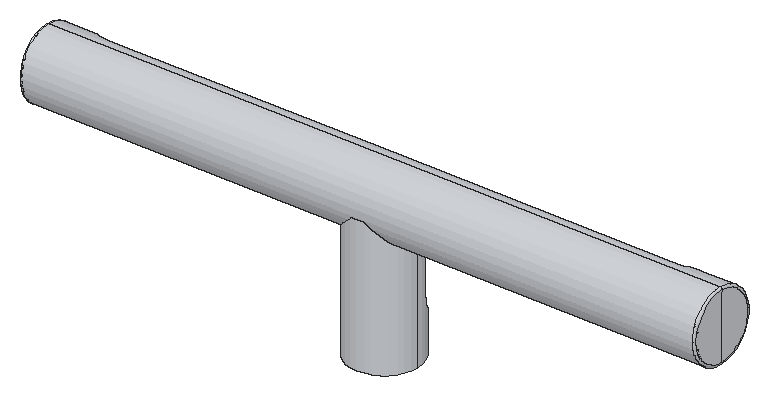
Revit family "Accessory-Tissue_Holder-KOHLER-JULY-K-9316T", category Specialty Equipment, host Face, Revit 2017
Family settings
  Host = Face
  Round Connector Dimension = Use Diameter
  Part Type = Normal
  OmniClass Number = 23.31.25.21
  OmniClass Title = Toilet Paper Dispensers
  Cut with Voids When Loaded = No
  Shared = No
  Room Calculation Point = No
Parameters (values of type "CP-Polished Chrome")
  Width = 12 103/256"  # constant formula
  WaterSense Certified = 1 = 0  # no
  URL = "http://www.kohler.com.cn/"
  Type = 1
  Product Page URL = ""
  Product Name = "July"  # constant formula
  Product Documentation Link = ""
  Model = if(Type = 1, "K-9316T-CP", "NA")  # "K-9316T-CP"
  Material = "Metal Construction"  # constant formula
  Master Format 2014 Name = "Toilet, Bath, and Laundry Accessories"  # constant formula
  Master Format 2014 = "10 28 00"  # constant formula
  Manufacturer Address = "Kohler Beijing Office (100016)\n36-2-03-B, No. 88, Liuxiang Road, Beijing"  # constant formula
  Manufacturer = "KOHLER Co."  # constant formula
  Length = 3 69/256"  # constant formula
  Height = 1 67/256"  # constant formula
  Finish = Kohler-Metal-CP-Polished_Chrome
  Environmental Product Declaration = ""
  Description = " JULY DOUBLE TOILET TISSUE HOLDER"  # constant formula
  Default Elevation = 42"
  Declare Label = ""
  Date Modified = "8/28/2020"  # constant formula
  Date Created = "8/28/2020"  # constant formula
  Copyright = "Copyright KOHLER Co."  # constant formula
  Contact Us = "http://www.kohler.com.cn/contact/contact-us/"
  Assembly Code = "C1030200"
  ADA Compliant = 1 = 0  # no
Reference planes (in)
  plane 1 "Center (Front/Back)": y = 0
  plane 2: z = 0
  plane 3 "Center (Left/Right)": x = 0
  plane 4: y = 0.63086
  plane 5: y = -0.62992
  plane 6: y = -0.63086
  plane 7: x = -6.20079
  plane 8: x = -6.20117
  plane 9: x = 6.20117
  plane 10: z = 3.26953
  plane 11: x = 0.62992
  plane 12: x = -0.62992
  plane 13: z = 2.636
  plane 14: z = 2.00429
Dimensions and locks (in)
  equal spacing: plane 8, plane 3 "Center (Left/Right)", plane 9
  "Width": plane 8 to plane 9
  equal spacing: plane 6, plane 1 "Center (Front/Back)", plane 4
  "Height": plane 6 to plane 4
  "Length": level to plane 10
  locked: plane 12 to plane 11 at 1.25984
  aligned and locked: plane 2 to host face
  aligned and locked: level to host face
  aligned and locked: plane 4 to nested 1
  aligned and locked: plane 6 to nested 1
  aligned and locked: plane 8 to nested 1
  aligned and locked: plane 9 to nested 1
  aligned and locked: plane 3 "Center (Left/Right)" to nested 1
  aligned and locked: plane 10 to nested 1
  aligned and locked: plane 11 to nested 1
  aligned and locked: plane 12 to nested 1
  aligned and locked: plane 13 to nested 1
Automatic sketch dimensions
  host sketch curve to host sketch curve = 96"  (x2)
Nested families (in)
  nested 1: "K-9316T" at (-0.00038, 0.00094, 0.00181), type "K-9316T"
Definition of nested family "K-9316T"
  Parameters (values of type "K-9316T")
    Material = none
  Reference planes (in)
    plane 1 "Center (Front/Back)": y = 0
    plane 2: z = 0
    plane 3 "Center (Left/Right)": x = 0
    plane 4: y = 0.62992
    plane 5: y = -0.62992
    plane 6: x = -6.20079
    plane 7: x = 6.20079
    plane 8: z = 3.26772
    plane 9: x = 0.62992
    plane 10: x = -0.62992
    plane 11: z = 2.636
  Forms (in)
    Revolve 1, solid, material <- "Material", detail levels medium+fine
      sketch origin (0, 0, 0) x (1, 0, 0) y (0, 0, 1)
        loop
          line (6.16142, 3.26772) -> (-6.16142, 3.26772)
          arc (-6.16142, 3.26772) -> (-6.18926, 3.25619) -> (-6.20079, 3.22835) r 0.03937
          line (-6.20079, 3.22835) -> (-6.20079, 2.636) -> (6.20079, 2.636) -> (6.20079, 3.22835)
          arc (6.20079, 3.22835) -> (6.18926, 3.25619) -> (6.16142, 3.26772) r 0.03937
        axis (6.20079, 2.636) -> (-6.20079, 2.636)
      angle from 0 to 360
    Extrusion 2, solid, material <- "Material", detail levels medium+fine
      sketch origin (0, 0, 0) x (1, 0, 0) y (0, 1, 0)
        loop
          circle (0, 0) r 0.62205
      from 0 to 2.60388
    Extrusion 3, void
      sketch origin (0, 0, 0) x (1, 0, 0) y (0, 1, 0)
        loop
          line (-5.12294, 0.19686) -> (5.12294, 0.19686)
          arc (5.12294, 0.19686) -> (5.33091, 0.2277) -> (5.52097, 0.31757) r 0.71655
          arc (5.52097, 0.31757) -> (5.59298, 0.38359) -> (5.64174, 0.46826) r 0.32031
          arc (5.64174, 0.46826) -> (5.6664, 0.57378) -> (5.66096, 0.68201) r 0.38855
          line (5.66096, 0.68201) -> (-5.66096, 0.68201)
          arc (-5.66096, 0.68201) -> (-5.6664, 0.57378) -> (-5.64174, 0.46826) r 0.38855
          arc (-5.64174, 0.46826) -> (-5.59298, 0.38359) -> (-5.52097, 0.31757) r 0.32031
          arc (-5.52097, 0.31757) -> (-5.33091, 0.2277) -> (-5.12294, 0.19686) r 0.71655
      from 1.5149 to 3.88935
    Extrusion 4, void
      sketch origin (0, 0, 0) x (0, 1, 0) y (0, 0, 1)
        loop
          arc (0.19686, 1.20695) -> (0.19763, 1.15691) -> (0.19996, 1.10692) r 1.6139
          arc (0.19996, 1.10692) -> (0.22979, 0.96299) -> (0.29885, 0.83323) r 0.51801
          arc (0.29885, 0.83323) -> (0.3646, 0.76288) -> (0.44519, 0.71019) r 0.40178
          arc (0.44519, 0.71019) -> (0.51139, 0.68449) -> (0.58108, 0.67084) r 0.40178
          arc (0.58108, 0.67084) -> (0.65872, 0.6668) -> (0.73636, 0.67097) r 0.7354
          line (0.73636, 0.67097) -> (0.73636, 1.75264) -> (0.19686, 1.75264) -> (0.19686, 1.20695)
      from -1.93619 to 2.03442
    Extrusion 5, solid, material <- "Material", detail levels coarse
      sketch origin (0, 0, 0) x (1, 0, 0) y (0, 1, 0)
        loop
          circle (0, 0) r 0.62205
      from 0 to 2.67187
    Extrusion 6, void
      sketch origin (0, 0, 0) x (0, 1, 0) y (0, 0, 1)
        loop
          line (1.54941, 1.85924) -> (0.19686, 1.85924) -> (0.19686, 0.67591) -> (1.54941, 0.67591) -> (1.54941, 1.85924)
      from -1.82046 to 1.76125
    Revolve 7, solid, material <- "Material", detail levels coarse
      sketch origin (0, 0, 0) x (1, 0, 0) y (0, 0, 1)
        loop
          line (6.20079, 2.636) -> (6.20079, 3.26772) -> (-6.20079, 3.26772) -> (-6.20079, 2.636) -> (6.20079, 2.636)
        axis (6.20079, 2.636) -> (-6.20079, 2.636)
      angle from 0 to 360
    Extrusion 8, void
      sketch origin (0, 0, 0) x (1, 0, 0) y (0, 1, 0)
        loop
          line (-5.62194, 0.19686) -> (5.65756, 0.19686) -> (5.65756, 1.96851) -> (-5.62194, 1.96851) -> (-5.62194, 0.19686)
      from 1.85924 to 4.59419
  Cuts and joins
    Extrusion 3 cuts Revolve 1
    Extrusion 3, Extrusion 4 cuts Extrusion 2
    joined: Revolve 1, Extrusion 2
    Extrusion 6, Extrusion 8 cuts Extrusion 5
    Extrusion 8 cuts Revolve 7
    joined: Extrusion 5, Revolve 7
  Lines and regions (in)
    Masking region 1
      outline origin (0, 0, 0) x (1, 0, 0) y (0, 1, 0)
        loop
          arc (-6.16142, 0.62992) -> (-6.18926, 0.61839) -> (-6.20079, 0.59055) r 0.03937
          line (-6.20079, 0.59055) -> (-6.20079, -0.59055)
          arc (-6.20079, -0.59055) -> (-6.18926, -0.61839) -> (-6.16142, -0.62992) r 0.03937
          line (-6.16142, -0.62992) -> (6.16142, -0.62992)
          arc (6.16142, -0.62992) -> (6.18926, -0.61839) -> (6.20079, -0.59055) r 0.03937
          line (6.20079, -0.59055) -> (6.20079, 0.59055)
          arc (6.20079, 0.59055) -> (6.18926, 0.61839) -> (6.16142, 0.62992) r 0.03937
          line (6.16142, 0.62992) -> (5.70695, 0.62992)
          arc (5.70695, 0.62992) -> (5.67971, 0.61897) -> (5.66762, 0.59221) r 0.03937
          arc (5.66762, 0.59221) -> (5.65976, 0.52917) -> (5.64174, 0.46826) r 0.38855
          arc (5.64174, 0.46826) -> (5.59298, 0.38359) -> (5.52097, 0.31757) r 0.32031
          arc (5.52097, 0.31757) -> (5.33091, 0.2277) -> (5.12294, 0.19686) r 0.71655
          line (5.12294, 0.19686) -> (0.59837, 0.19686)
          arc (0.59837, 0.19686) -> (0.36932, 0.5103) -> (0, 0.62992) r 0.62992
          arc (0, 0.62992) -> (-0.36932, 0.5103) -> (-0.59837, 0.19686) r 0.62992
          line (-0.59837, 0.19686) -> (-5.12294, 0.19686)
          arc (-5.12294, 0.19686) -> (-5.33091, 0.2277) -> (-5.52097, 0.31757) r 0.71655
          arc (-5.52097, 0.31757) -> (-5.59298, 0.38359) -> (-5.64174, 0.46826) r 0.32031
          arc (-5.64174, 0.46826) -> (-5.65976, 0.52917) -> (-5.66762, 0.59221) r 0.38855
          arc (-5.66762, 0.59221) -> (-5.67971, 0.61897) -> (-5.70695, 0.62992) r 0.03937
          line (-5.70695, 0.62992) -> (-6.16142, 0.62992)
    Masking region 2
      outline origin (0, 0, 0) x (1, 0, 0) y (0, 0, 1)
        loop
          line (6.16142, 3.26772) -> (-6.16142, 3.26772)
          arc (-6.16142, 3.26772) -> (-6.18926, 3.25619) -> (-6.20079, 3.22835) r 0.03937
          line (-6.20079, 3.22835) -> (-6.20079, 2.636) -> (-6.20079, 2.04366)
          arc (-6.20079, 2.04366) -> (-6.18926, 2.01582) -> (-6.16142, 2.00429) r 0.03937
          line (-6.16142, 2.00429) -> (-1.02362, 2.00429)
          arc (-1.02362, 2.00429) -> (-0.74523, 1.88898) -> (-0.62992, 1.61059) r 0.3937
          line (-0.62992, 1.61059) -> (-0.62992, 0) -> (0.62992, 0) -> (0.62992, 1.61059)
          arc (0.62992, 1.61059) -> (0.74523, 1.88898) -> (1.02362, 2.00429) r 0.3937
          line (1.02362, 2.00429) -> (6.16142, 2.00429)
          arc (6.16142, 2.00429) -> (6.18926, 2.01582) -> (6.20079, 2.04366) r 0.03937
          line (6.20079, 2.04366) -> (6.20079, 2.636) -> (6.20079, 3.22835)
          arc (6.20079, 3.22835) -> (6.18926, 3.25619) -> (6.16142, 3.26772) r 0.03937
    Masking region 3
      outline origin (0, 0, 0) x (0, 1, 0) y (0, 0, 1)
        loop
          arc (0, 3.26772) -> (-0.42955, 3.09919) -> (-0.62992, 2.68354) r 0.63171
          line (-0.62992, 2.68354) -> (-0.62992, 2.58847) -> (-0.62992, 0) -> (0.62992, 0) -> (0.62992, 0.63038)
          arc (0.62992, 0.63038) -> (0.6194, 0.65717) -> (0.59347, 0.66973) r 0.03937
          arc (0.59347, 0.66973) -> (0.51738, 0.68281) -> (0.44519, 0.71019) r 0.40178
          arc (0.44519, 0.71019) -> (0.3646, 0.76288) -> (0.29885, 0.83323) r 0.40178
          arc (0.29885, 0.83323) -> (0.22979, 0.96299) -> (0.19996, 1.10692) r 0.51801
          arc (0.19996, 1.10692) -> (0.19763, 1.15691) -> (0.19686, 1.20695) r 1.6139
          line (0.19686, 1.20695) -> (0.19686, 2.03575)
          arc (0.19686, 2.03575) -> (0.6238, 2.73568) -> (0, 3.26772) r 0.63171
    symbolic lines, detail levels medium+fine
      curve 1: line (-6.16142, 0.62992, 0) -> (-6.16142, -0.62992, 0)
      curve 2: line (-6.13314, 0.62992, 0) -> (-6.13314, -0.62992, 0)
      curve 3: line (-5.13353, 0.15143, 0) -> (0, 0.15143, 0)
      curve 4: arc (-5.41531, 0.20466, 0) -> (-5.27691, 0.16486, 0) -> (-5.13353, 0.15143, 0) r 0.77252
      curve 5: arc (-5.67719, 0.43694, 0) -> (-5.56692, 0.2975, 0) -> (-5.41531, 0.20466, 0) r 0.50736
      curve 6: arc (-5.71733, 0.62992, 0) -> (-5.71125, 0.53052, 0) -> (-5.67719, 0.43694, 0) r 0.3471
      curve 7: arc (-0.57171, 0.19686, 0) -> (0, 0.60465, 0) -> (0.57171, 0.19686, 0) r 0.60465
      curve 8: line (6.16142, 0.62992, 0) -> (6.16142, -0.62992, 0)
      curve 9: line (6.13314, 0.62992, 0) -> (6.13314, -0.62992, 0)
      curve 10: line (5.13353, 0.15143, 0) -> (0, 0.15143, 0)
      curve 11: arc (5.41531, 0.20466, 0) -> (5.27691, 0.16486, 0) -> (5.13353, 0.15143, 0) r 0.77252
      curve 12: arc (5.67719, 0.43694, 0) -> (5.56692, 0.2975, 0) -> (5.41531, 0.20466, 0) r 0.50736
      curve 13: arc (5.71733, 0.62992, 0) -> (5.71125, 0.53052, 0) -> (5.67719, 0.43694, 0) r 0.3471
      curve 14: line (-6.13314, 0, 0) -> (6.13314, 0, 0)
      curve 15: line (-0.67177, 0.19686, 0) -> (1.09988, 0.19686, 0)
      curve 16: line (6.16142, 0, 3.26772) -> (6.16142, 0, 2.00429)
      curve 17: line (6.1149, 0, 3.26772) -> (6.1149, 0, 2.00429)
      curve 18: line (5.12294, 0, 3.23618) -> (5.12294, 0, 2.03575)
      curve 19: line (-6.16142, 0, 3.26772) -> (-6.16142, 0, 2.00429)
      curve 20: line (-6.1149, 0, 3.26772) -> (-6.1149, 0, 2.00429)
      curve 21: line (-5.12294, 0, 3.23626) -> (-5.12294, 0, 2.03575)
      curve 22: spline (0.22201, 0, 0.67084) -> (0.24194, 0, 0.67131) -> (0.26157, 0, 0.6723) -> (0.28087, 0, 0.67382) -> (0.2998, 0, 0.67585) -> (0.31834, 0, 0.6784) -> (0.33645, 0, 0.68146) -> (0.35411, 0, 0.68502) -> (0.37127, 0, 0.68909) -> (0.38791, 0, 0.69365) -> (0.40401, 0, 0.69869) -> (0.41953, 0, 0.70421) -> (0.43445, 0, 0.71019)
      curve 23: spline (0.43445, 0, 0.71019) -> (0.44672, 0, 0.71639) -> (0.45851, 0, 0.72335) -> (0.4698, 0, 0.73106) -> (0.48056, 0, 0.7395) -> (0.49075, 0, 0.74866) -> (0.50036, 0, 0.75851) -> (0.50936, 0, 0.76902) -> (0.51774, 0, 0.78017) -> (0.52546, 0, 0.79194) -> (0.53252, 0, 0.80429) -> (0.53889, 0, 0.8172) -> (0.54456, 0, 0.83063)
      curve 24: spline (-0.22201, 0, 0.67084) -> (-0.18628, 0, 0.66983) -> (-0.14987, 0, 0.669) -> (-0.11289, 0, 0.66836) -> (-0.07549, 0, 0.66789) -> (-0.03782, 0, 0.66761) -> (0, 0, 0.66752) -> (0.03782, 0, 0.66761) -> (0.07549, 0, 0.66789) -> (0.11289, 0, 0.66836) -> (0.14987, 0, 0.669) -> (0.18628, 0, 0.66983) -> (0.22201, 0, 0.67084)
      curve 25: spline (0.54456, 0, 0.83063) -> (0.55199, 0, 0.85037) -> (0.55879, 0, 0.8709) -> (0.56494, 0, 0.89217) -> (0.57043, 0, 0.91411) -> (0.57524, 0, 0.93666) -> (0.57936, 0, 0.95976) -> (0.58278, 0, 0.98335) -> (0.58548, 0, 1.00735) -> (0.58745, 0, 1.03171) -> (0.58871, 0, 1.05636) -> (0.58923, 0, 1.08121) -> (0.58902, 0, 1.10622)
      curve 26: line (0.59008, 0, 1.20695) -> (0.59008, 0, 1.64205)
      curve 27: line (5.12294, 0, 2.03575) -> (0.98378, 0, 2.03575)
      curve 28: spline (5.5217, 0, 2.09011) -> (5.49272, 0, 2.0816) -> (5.46265, 0, 2.07375) -> (5.43158, 0, 2.06659) -> (5.3996, 0, 2.06014) -> (5.36681, 0, 2.05441) -> (5.3333, 0, 2.04942) -> (5.29918, 0, 2.04519) -> (5.26454, 0, 2.04174) -> (5.22949, 0, 2.03906) -> (5.19414, 0, 2.03717) -> (5.15859, 0, 2.03607) -> (5.12294, 0, 2.03578)
      curve 29: spline (5.64174, 0, 2.21244) -> (5.63716, 0, 2.19929) -> (5.6315, 0, 2.18655) -> (5.62477, 0, 2.17425) -> (5.61702, 0, 2.16244) -> (5.60825, 0, 2.15116) -> (5.59851, 0, 2.14046) -> (5.58783, 0, 2.13035) -> (5.57624, 0, 2.12089) -> (5.56379, 0, 2.11211) -> (5.55052, 0, 2.10403) -> (5.53647, 0, 2.09669) -> (5.5217, 0, 2.09011)
      curve 30: line (5.64174, 0, 3.05972) -> (5.64174, 0, 2.21244)
      curve 31: spline (5.52163, 0, 3.18193) -> (5.53606, 0, 3.17604) -> (5.54983, 0, 3.16927) -> (5.56288, 0, 3.16164) -> (5.57517, 0, 3.15318) -> (5.58667, 0, 3.14392) -> (5.59733, 0, 3.13389) -> (5.6071, 0, 3.12313) -> (5.61597, 0, 3.11167) -> (5.62389, 0, 3.09956) -> (5.63085, 0, 3.08683) -> (5.6368, 0, 3.07354) -> (5.64174, 0, 3.05972)
      curve 32: spline (5.12294, 0, 3.23618) -> (5.15851, 0, 3.23766) -> (5.194, 0, 3.23802) -> (5.22929, 0, 3.23727) -> (5.26429, 0, 3.23541) -> (5.2989, 0, 3.23245) -> (5.33301, 0, 3.22839) -> (5.36651, 0, 3.22325) -> (5.39932, 0, 3.21704) -> (5.43133, 0, 3.20978) -> (5.46244, 0, 3.20149) -> (5.49258, 0, 3.1922) -> (5.52163, 0, 3.18193)
      curve 33: line (-5.12294, 0, 3.23626) -> (5.12294, 0, 3.23626)
      curve 34: arc (0.98378, 0, 2.03575) -> (0.70539, 0, 1.92044) -> (0.59008, 0, 1.64205) r 0.3937
      curve 35: line (1.02362, 0, 2.07512) -> (1.02362, 0, 2.03575)
      curve 36: spline (0.58902, 0, 1.10622) -> (0.58919, 0, 1.1146) -> (0.58934, 0, 1.12299) -> (0.58948, 0, 1.13138) -> (0.58961, 0, 1.13977) -> (0.58972, 0, 1.14816) -> (0.58982, 0, 1.15656) -> (0.5899, 0, 1.16495) -> (0.58996, 0, 1.17335) -> (0.59001, 0, 1.18175) -> (0.59005, 0, 1.19015) -> (0.59007, 0, 1.19855) -> (0.59008, 0, 1.20695)
      curve 37: spline (-0.22201, 0, 0.67084) -> (-0.24194, 0, 0.67131) -> (-0.26157, 0, 0.6723) -> (-0.28087, 0, 0.67382) -> (-0.2998, 0, 0.67585) -> (-0.31834, 0, 0.6784) -> (-0.33645, 0, 0.68146) -> (-0.35411, 0, 0.68502) -> (-0.37127, 0, 0.68909) -> (-0.38791, 0, 0.69365) -> (-0.40401, 0, 0.69869) -> (-0.41953, 0, 0.70421) -> (-0.43445, 0, 0.71019)
      curve 38: spline (-0.43445, 0, 0.71019) -> (-0.44672, 0, 0.71639) -> (-0.45851, 0, 0.72335) -> (-0.4698, 0, 0.73106) -> (-0.48056, 0, 0.7395) -> (-0.49075, 0, 0.74866) -> (-0.50036, 0, 0.75851) -> (-0.50936, 0, 0.76902) -> (-0.51774, 0, 0.78017) -> (-0.52546, 0, 0.79194) -> (-0.53252, 0, 0.80429) -> (-0.53889, 0, 0.8172) -> (-0.54456, 0, 0.83063)
      curve 39: spline (-0.54456, 0, 0.83063) -> (-0.55199, 0, 0.85037) -> (-0.55879, 0, 0.8709) -> (-0.56494, 0, 0.89217) -> (-0.57043, 0, 0.91411) -> (-0.57524, 0, 0.93666) -> (-0.57936, 0, 0.95976) -> (-0.58278, 0, 0.98335) -> (-0.58548, 0, 1.00735) -> (-0.58745, 0, 1.03171) -> (-0.58871, 0, 1.05636) -> (-0.58923, 0, 1.08121) -> (-0.58902, 0, 1.10622)
      curve 40: line (-0.59008, 0, 1.20695) -> (-0.59008, 0, 1.64205)
      curve 41: line (-5.12294, 0, 2.03575) -> (-0.98378, 0, 2.03575)
      curve 42: spline (-5.5217, 0, 2.09011) -> (-5.49272, 0, 2.0816) -> (-5.46265, 0, 2.07375) -> (-5.43158, 0, 2.06659) -> (-5.3996, 0, 2.06014) -> (-5.36681, 0, 2.05441) -> (-5.3333, 0, 2.04942) -> (-5.29918, 0, 2.04519) -> (-5.26454, 0, 2.04174) -> (-5.22949, 0, 2.03906) -> (-5.19414, 0, 2.03717) -> (-5.15859, 0, 2.03607) -> (-5.12294, 0, 2.03578)
      curve 43: spline (-5.64174, 0, 2.21244) -> (-5.63716, 0, 2.19929) -> (-5.6315, 0, 2.18655) -> (-5.62477, 0, 2.17425) -> (-5.61702, 0, 2.16244) -> (-5.60825, 0, 2.15116) -> (-5.59851, 0, 2.14046) -> (-5.58783, 0, 2.13035) -> (-5.57624, 0, 2.12089) -> (-5.56379, 0, 2.11211) -> (-5.55052, 0, 2.10403) -> (-5.53647, 0, 2.09669) -> (-5.5217, 0, 2.09011)
      curve 44: line (-5.64174, 0, 3.05972) -> (-5.64174, 0, 2.21244)
      curve 45: spline (-5.52163, 0, 3.18193) -> (-5.53606, 0, 3.17604) -> (-5.54983, 0, 3.16927) -> (-5.56288, 0, 3.16164) -> (-5.57517, 0, 3.15318) -> (-5.58667, 0, 3.14392) -> (-5.59733, 0, 3.13389) -> (-5.6071, 0, 3.12313) -> (-5.61597, 0, 3.11167) -> (-5.62389, 0, 3.09956) -> (-5.63085, 0, 3.08683) -> (-5.6368, 0, 3.07354) -> (-5.64174, 0, 3.05972)
      curve 46: spline (-5.12294, 0, 3.23618) -> (-5.15851, 0, 3.23766) -> (-5.194, 0, 3.23802) -> (-5.22929, 0, 3.23727) -> (-5.26429, 0, 3.23541) -> (-5.2989, 0, 3.23245) -> (-5.33301, 0, 3.22839) -> (-5.36651, 0, 3.22325) -> (-5.39932, 0, 3.21704) -> (-5.43133, 0, 3.20978) -> (-5.46244, 0, 3.20149) -> (-5.49258, 0, 3.1922) -> (-5.52163, 0, 3.18193)
      curve 47: arc (-0.98378, 0, 2.03575) -> (-0.70539, 0, 1.92044) -> (-0.59008, 0, 1.64205) r 0.3937
      curve 48: spline (-0.58902, 0, 1.10622) -> (-0.58919, 0, 1.1146) -> (-0.58934, 0, 1.12299) -> (-0.58948, 0, 1.13138) -> (-0.58961, 0, 1.13977) -> (-0.58972, 0, 1.14816) -> (-0.58982, 0, 1.15656) -> (-0.5899, 0, 1.16495) -> (-0.58996, 0, 1.17335) -> (-0.59001, 0, 1.18175) -> (-0.59005, 0, 1.19015) -> (-0.59007, 0, 1.19855) -> (-0.59008, 0, 1.20695)
      curve 49: line (0.58902, 0, 1.10622) -> (-0.58902, 0, 1.10622)
      curve 50: line (5.50865, 0, 2.12752) -> (5.12284, 0, 2.07512)
      curve 51: line (5.12284, 0, 2.07512) -> (0.98378, 0, 2.07512)
      curve 52: arc (0.98378, 0, 2.07512) -> (0.67755, 0, 1.94827) -> (0.55071, 0, 1.64205) r 0.43307
      curve 53: line (0.55071, 0, 1.20615) -> (0.55071, 0, 1.64205)
      curve 54: line (0.54965, 0, 1.10624) -> (0.55071, 0, 1.20615)
      curve 55: line (0.50801, 0, 0.84526) -> (0.54965, 0, 1.10624)
      curve 56: line (0.41805, 0, 0.7461) -> (0.50616, 0, 0.84063)
      curve 57: line (0.22158, 0, 0.7102) -> (0.41805, 0, 0.7461)
      curve 58: line (-0.22151, 0, 0.71019) -> (0.22158, 0, 0.7102)
      curve 59: line (5.60418, 0, 2.22397) -> (5.50865, 0, 2.12752)
      curve 60: line (5.60404, 0, 3.04821) -> (5.60418, 0, 2.22397)
      curve 61: line (5.50907, 0, 3.14391) -> (5.60404, 0, 3.04821)
      curve 62: line (5.12508, 0, 3.19689) -> (5.50907, 0, 3.14391)
      curve 63: line (-5.12294, 0, 3.19689) -> (5.18745, 0, 3.19689)
      curve 64: spline (-0.58902, 0, 1.10622) -> (-0.58919, 0, 1.1146) -> (-0.58934, 0, 1.12299) -> (-0.58948, 0, 1.13138) -> (-0.58961, 0, 1.13977) -> (-0.58972, 0, 1.14816) -> (-0.58982, 0, 1.15656) -> (-0.5899, 0, 1.16495) -> (-0.58996, 0, 1.17335) -> (-0.59001, 0, 1.18175) -> (-0.59005, 0, 1.19015) -> (-0.59007, 0, 1.19855) -> (-0.59008, 0, 1.20695)
      curve 65: line (-5.50865, 0, 2.12752) -> (-5.12284, 0, 2.07512)
      curve 66: line (-5.12284, 0, 2.07512) -> (-0.98378, 0, 2.07512)
      curve 67: arc (-0.98378, 0, 2.07512) -> (-0.67755, 0, 1.94827) -> (-0.55071, 0, 1.64205) r 0.43307
      curve 68: line (-0.55071, 0, 1.20615) -> (-0.55071, 0, 1.64205)
      curve 69: line (-0.54965, 0, 1.10624) -> (-0.55071, 0, 1.20615)
      curve 70: line (-0.50801, 0, 0.84526) -> (-0.54965, 0, 1.10624)
      curve 71: line (-0.41805, 0, 0.7461) -> (-0.50616, 0, 0.84063)
      curve 72: line (-0.22151, 0, 0.71019) -> (-0.41805, 0, 0.7461)
      curve 73: line (-5.60418, 0, 2.22397) -> (-5.50865, 0, 2.12752)
      curve 74: line (-5.60404, 0, 3.04821) -> (-5.60418, 0, 2.22397)
      curve 75: line (-5.50907, 0, 3.14391) -> (-5.60404, 0, 3.04821)
      curve 76: line (-5.12294, 0, 3.19719) -> (-5.50907, 0, 3.14391)
      curve 77: line (0.59008, 0, 1.64205) -> (0.55071, 0, 1.64205)
      curve 78: line (-1.02362, 0, 2.07512) -> (-1.02362, 0, 2.03575)
      curve 79: line (-0.59008, 0, 1.64205) -> (-0.55071, 0, 1.64205)
      curve 80: arc (0, -0.62992, 2.636) -> (0, -0.44542, 2.19058) -> (0, 0, 2.00608) r 0.62992
      curve 81: circle (0, 0, 2.636) r 0.59055 normal (1, 0, 0)
      curve 82: arc (0, 0.19685, 2.03575) -> (0, 0.09954, 2.01354) -> (0, 0, 2.00608) r 0.668
      curve 83: line (0, 0.16683, 2.02725) -> (0, 0.16683, 1.16964)
      curve 84: arc (0, 0.16683, 1.16964) -> (0, 0.18344, 1.02239) -> (0, 0.23244, 0.88254) r 0.66092
      curve 85: arc (0, 0.23244, 0.88254) -> (0, 0.32451, 0.75705) -> (0, 0.45548, 0.67298) r 0.42629
      curve 86: arc (0, 0.45548, 0.67298) -> (0, 0.54112, 0.64523) -> (0, 0.62992, 0.63038) r 0.61053
      curve 87: line (0, 0.19686, 1.67183) -> (0, -0.62992, 1.67183)
      curve 88: line (0, 0.08498, 1.67183) -> (0, 0.08498, 0)
      curve 89: line (0, -0.57198, 1.67183) -> (0, -0.57198, 2.37297)
      curve 90: line (-5.12295, 0.19697, 0) -> (-5.12295, 0.15143, 0)
      curve 91: line (5.12295, 0.19697, 0) -> (5.12295, 0.15143, 0)
  Dimensions and locks (in)
    plane 6 to plane 7 = 12.40157"
    plane 4 to plane 5 = 1.25984"
    level to plane 8 = 3.26772"
    plane 10 to plane 9 = 1.25984"
    aligned and locked: plane 2 to level
